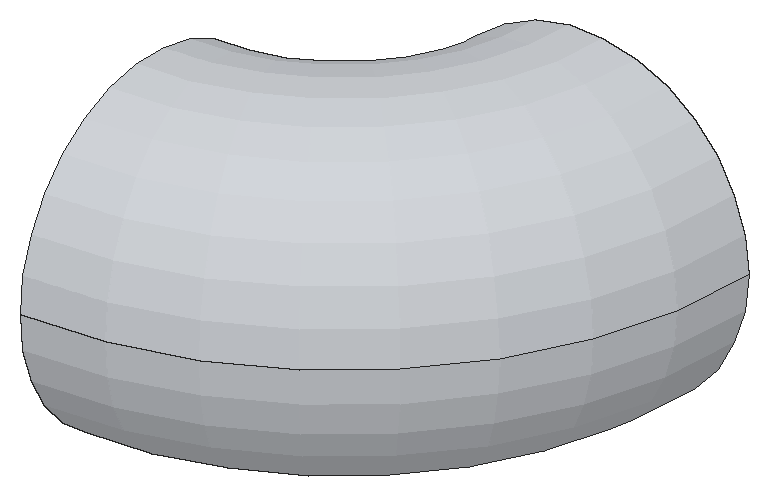
Revit family "ee42f1dcfc7b474aadcc6b28f03c5d79", category Pipe Fittings, Revit 2021
Family settings
  Round Connector Dimension = Use Radius
  Part Type = Elbow
  OmniClass Number = 23.60.30.11.14
  OmniClass Title = Pipework Fittings
  Seek Item ID = Elbow - Welded - Generic-0000-USA-ENU
  Work Plane-Based = No
  Always vertical = Yes
  Cut with Voids When Loaded = No
  Shared = No
Parameters (values of type "Standard")
  Tick Size [instance] = Fitting Outside Diameter * 0.4  # 0.52598"
  Nominal Radius [instance] = 1/2"
  Nominal Diameter [instance] = Nominal Radius * 2  # 1"
  Loss Method = K Coefficient from Table
  Lookup Table Name = "Elbow - Welded - Generic"
  K Coefficient Table = "Regular 45, 90 and 180 Elbow"
  Fitting Outside Radius [instance] = Fitting Outside Diameter / 2  # 0.65748"
  Fitting Outside Diameter [instance] = size_lookup(Lookup Table Name, "FOD", Nominal Diameter + 105/256", Nominal Diameter)  # 1.31496"
  Default Elevation = 0' - 0"
  Center to End Label [instance] = if(Center to End > (Fitting Outside Radius + 1/8") * tan(Angle / 2), Center to End, (Fitting Outside Radius + 1/8") * tan(Angle / 2))  # 0.98425"
  Center to End [instance] = size_lookup(Lookup Table Name, "CtE", 1.02 * Nominal Diameter - 15/256", Nominal Diameter)  # 0.98425"
  Center Radius [instance] = Center to End Label / tan(Angle / 2)  # 0.98425"
  Angle [instance] = 90.00°
Reference planes (in)
  plane 1 "Center (Front/Back)": y = 0
  plane 2: z = 0
  plane 3 "Center (Left/Right)": x = 0
  plane 4: x = -0.98425
  plane 5: y = 0.98425
  plane 6: y = 0.52598
  plane 7: y = -0.52598
Forms (in)
  Sweep 1, solid, detail levels fine
    path in 3D
      loop
        arc (-0.98425, 0, 0) -> (-0.28828, 0.28828, 0) -> (0, 0.98425, 0) r 0.98425
    profile origin (-0.28828, 0.28828, 0) x (-0.707107, 0.707107, 0) y (0, 0, 1)
      loop
        circle (0, 0) r 0.65748
Lines and regions (in)
  reference lines
    curve 1: line (-0.98425, 0.98425, 0) -> (0.76575, 0.98425, 0)
    curve 2: arc (-0.98425, 0, 0) -> (-0.28828, 0.28828, 0) -> (0, 0.98425, 0) r 0.98425
    curve 3: line (0, 0, 0) -> (0, 0.75, 0)
    curve 4: line (-0.52598, 0.71731, 0) -> (-0.52598, 0.87179, 0)
    curve 5: line (0.52598, 0.60803, 0) -> (0.52598, 1.38695, 0)
  model lines, detail levels coarse+medium
    curve 6: line (-0.52598, 0.98425, 0) -> (0.52598, 0.98425, 0)
    curve 7: arc (-0.98425, 0, 0) -> (-0.28828, 0.28828, 0) -> (0, 0.98425, 0) r 0.98425
    curve 8: line (-0.98425, 0.52598, 0) -> (-0.98425, -0.52598, 0)
  sketch lines
    curve 9: arc (-0.98425, 0, 0) -> (-0.28828, 0.28828, 0) -> (0, 0.98425, 0) r 0.98425
Dimensions and locks (in)
  "Center to End Label": plane 4 to plane 3 "Center (Left/Right)"
  "Center Radius": plane 5 to plane 1 "Center (Front/Back)"
  "Tick Size": plane 6 to plane 1 "Center (Front/Back)"
  "Tick Size": plane 7 to plane 1 "Center (Front/Back)"
  "Tick Size": curve 3 to curve 4
  "Tick Size": curve 5 to curve 3
  "Center Radius": radius of curve 2
  "Fitting Outside Radius": radius of Sweep 1 sketch curve
  "Angle": angle plane 4 to curve 1
  "Angle": angle curve 2 to curve 2
  "Angle": angle plane 1 "Center (Front/Back)" to curve 3
  "Angle": angle curve 7 to curve 7
  aligned and locked: plane 4 to curve 1
  aligned and locked: plane 5 to curve 1
  aligned and locked: plane 5 to curve 2
  aligned and locked: plane 4 to curve 2  (x2)
  aligned and locked: plane 1 "Center (Front/Back)" to curve 3
  aligned and locked: plane 3 "Center (Left/Right)" to curve 3
  aligned and locked: curve 4 to curve 6
  aligned and locked: curve 5 to curve 6
  aligned and locked: curve 1 to curve 6
  aligned and locked: curve 7 to curve 2
  aligned and locked: plane 6 to curve 8
  aligned and locked: plane 7 to curve 8
  aligned and locked: curve 8 to plane 4
Automatic sketch dimensions
  curve 1 to curve 5 = 0' - 0.37622"
  curve 1 to curve 4 = 0' - 0.26694"
  curve 5 to curve 1 = 0' - 0.4027"
  curve 3 to curve 4 = 0' - 0.12179"
  Sweep 1 sketch curve to profile plane = 0' - 0"
  profile plane to Sweep 1 sketch curve = 0' - 0"
Connectors (in)
  piping at (-0.98425, 0, 0), diameter 1, driven by "Nominal Radius", driven by "Angle"
    settings: on Sweep 1, index 1, connector inside diameter 1", connector length 0' - 0", flow factor 0, pipe flow 0 GPM, pressure drop 0.00 psi, fitting loss kfactor 0, connector angle 90.00°, fixture units 0, engagement length 0' - 0", angle of deflection 0.00°, flow configuration 0, flow direction 0, fitting loss method 0, system type 28, joint type 0, gender type 0, connector reference index 2, connector utility 0, adjustable connector no, is connector primary yes, connector description ""
  piping at (0, 0.98425, 0), diameter 1, driven by "Nominal Radius", driven by "Angle"
    settings: on Sweep 1, index 2, connector inside diameter 1", connector length 0' - 0", flow factor 0, pipe flow 0 GPM, pressure drop 0.00 psi, fitting loss kfactor 0, connector angle 90.00°, fixture units 0, engagement length 0' - 0", angle of deflection 0.00°, flow configuration 0, flow direction 0, fitting loss method 0, system type 28, joint type 0, gender type 0, connector reference index 1, connector utility 0, adjustable connector no, is connector primary no, connector description ""
